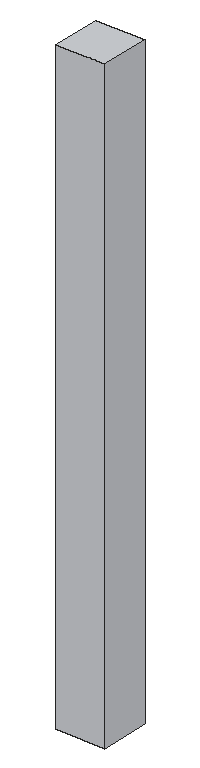
Revit family "Column", category Structural Columns, Revit 2025
Family settings
  Section Shape = Not Defined
  Material for Model Behavior = Other
  Always export as geometry = No
  Beam cutback in plan = From bounding box
  OmniClass Number = 23.25.30.11.14.11
  OmniClass Title = Columns
  Cut with Voids When Loaded = No
  Symbolic Representation = From Family
  Shared = No
  Show family pre-cut in plan views = Yes
Parameters (values of type "200x200")
  Structural Material [instance] = Concrete, Cast-in-Place - C35
  Depth = 200 mm
  Width = 200 mm
Reference planes
  plane 1 "Center (Front/Back)": y = 0
  plane 2: z = 0
  plane 3 "Center (Left/Right)": x = 0
  plane 4 "Left": x = -250
  plane 5 "Right": x = 250
  plane 6 "Back": y = 250
  plane 7 "Front": y = -250
Forms (mm)
  Extrusion 1, solid
    sketch origin (0, 0, 0) x (1, 0, 0) y (0, 1, 0)
      loop
        line (-100, 100) -> (-100, -100) -> (100, -100) -> (100, 100) -> (-100, 100)
    from 0 to 2500
Dimensions and locks
  equal spacing: plane 4 "Left", plane 3 "Center (Left/Right)", plane 5 "Right"
  equal spacing: plane 7 "Front", plane 1 "Center (Front/Back)", plane 6 "Back"
  "Width": Extrusion 1 to Extrusion 1
  "Depth": Extrusion 1 to Extrusion 1
  aligned and locked: level to plane 2
Automatic sketch dimensions
  Extrusion 1 sketch curve to plane 3 "Center (Left/Right)" = 100 mm
  plane 3 "Center (Left/Right)" to Extrusion 1 sketch curve = 100 mm
  plane 1 "Center (Front/Back)" to Extrusion 1 sketch curve = 100 mm
  Extrusion 1 sketch curve to plane 1 "Center (Front/Back)" = 100 mm
